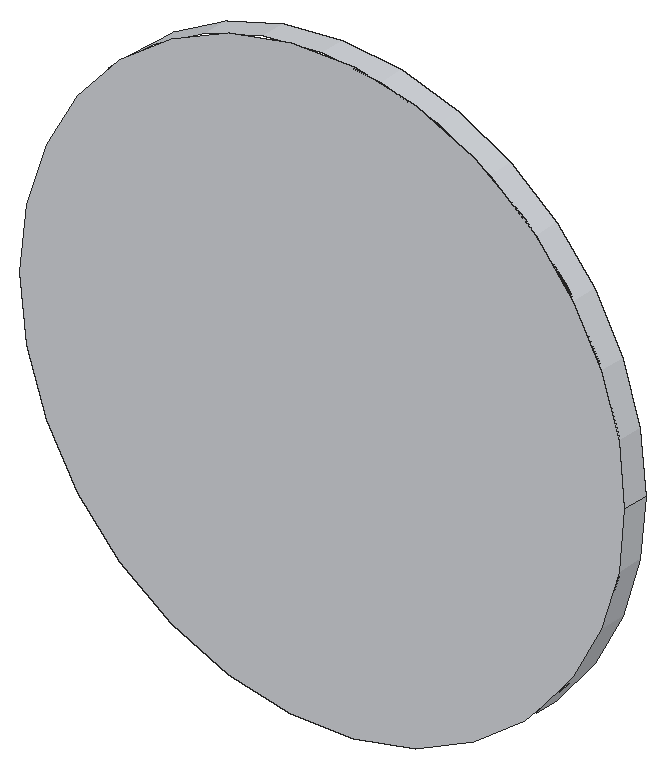
Revit family "RM-28", category Plumbing Fixtures, Revit 2014
Parameters (values of type "RM-28")
  URL = "http://helvex.com/contenido.php?producto=557"
  Type Comments = "Hand Showers"
  Total Width = 10"
  Total Length = 22.8"
  Total Depth = 1.9"
  Plastic Showerhead = Plastic
  Model = "RM-28"
  Min. Working Pressure = 14.22 psi
  Min. Water Flow = 0.66 GPM
  Max. Working Pressure = 85.34 psi
  Max. Water Flow = 2.64 GPM
  Manufacturer = "HELVEX"
  Instructive = "http://helvex.com/productos/instructivos/RM-28.pdf"
  Inlet Threads = "½\" - 14 NPT"
  Features = "Shower Medium And High Pressure; Semi-Recessed Fixture; Setting Kit Included; Adjustable Height Mechanism; Fixed Jet; Length Hose 59\" (1,5 m); With Antiscale System"
  Description = "Sliding Fixed Jet Shower With Antiscale System"
  Data Sheet = "http://helvex.com/productos/fichas/RM-28.pdf"
  Certification = "http://helvex.com/productos/vistas/RM-28.pdf"
  Brass Chromed = Brass
Reference planes (in)
  plane 1 "Center (Front/Back)": y = 0
  plane 2: z = 0
  plane 3 "Center (Left/Right)": x = 0
  plane 4: z = 74.8
Forms (in)
  Extrusion 1, solid
    sketch origin (0, 0, 74.8) x (1, 0, 0) y (0, 0, 1)
      loop
        circle (0, 0) r 0.25
    from 0 to -0.02098
Dimensions and locks (in)
  locked: plane 4 to plane 2 at 74.8
  aligned and locked: level to plane 2
Connectors (in)
  piping at (0, 0.02098, 74.8), diameter 0.5
    settings: on Extrusion 1, index 1, connector inside diameter 609.6 mm, connector length 0", flow factor 0, pipe flow 0.0 GPM, pressure drop 0.0 psi, fitting loss kfactor 0, connector angle 0.00°, fixture units 0, engagement length 0", angle of deflection 0.00°, flow configuration 2, flow direction 1, fitting loss method 0, system type 16, joint type 0, gender type 0, connector reference index -1, connector utility 0, adjustable connector no, is connector primary yes, connector description ""
